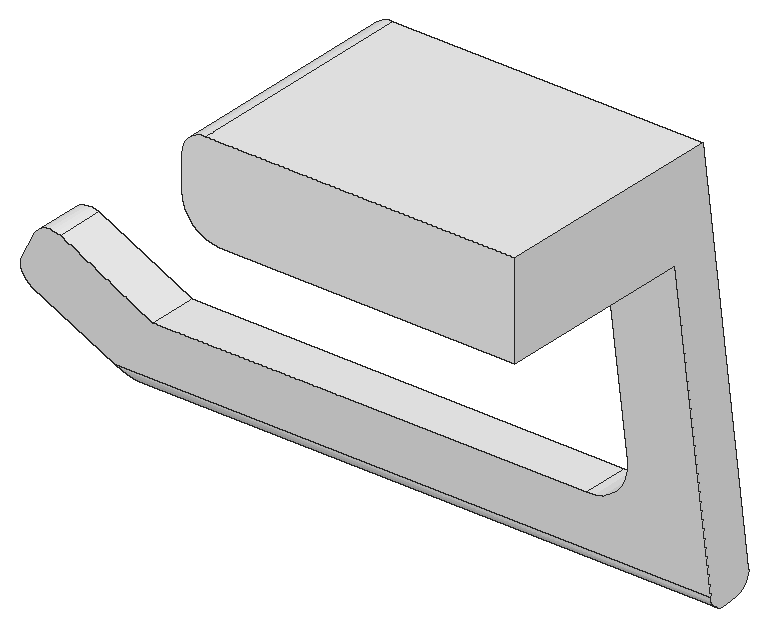
Revit family "LQ6030001_Portarrollo", category Furniture, host Wall, Revit 2019
Family settings
  Host = Wall
  OmniClass Number = 23.31.25.19
  OmniClass Title = Restroom Paper Towel Accessories
  Always vertical = Yes
  Cut with Voids When Loaded = No
  Shared = No
  Room Calculation Point = No
Parameters (values of type "Type 1")
  Uso = "Residencial"  # constant formula
  URL = "https://corona.co/productos/accesorios/kit-de-accesorios/kit-por-6-accesorios-liquid/p/LQ6080001"
  Tecnologías = "DuraCrome"  # constant formula
  Resistencia = "Resistente a la corrosión\r\npelado y decoloración por agua\r\nResistencia al peso general hasta 9 kg\r\nResistencia al peso del toallero barra hasta 23 kg"  # constant formula
  Referencia = "LQ6030001"  # constant formula
  Profundidad = 61.3 mm  # constant formula
  Número de piezas = "6"  # constant formula
  Material = Corona_Cromado
  Manufacturer = "Corona"  # constant formula
  Línea = "Liquid"  # constant formula
  Garantía Acabados = "5 años en acabados"  # constant formula
  Garantía = "30 años en estructura"  # constant formula
  Fecha de creación = "13/08/2020"  # constant formula
  Description = "La línea de griferías, duchas y accesorios Liquid se inspira en la tensión superficial del agua y en cómo esta crea formas armoniosas adaptándose al ambiente. Al igual que el agua, las superficies de las griferías Liquid juegan con la luz y los reflejos que fluyen alrededor de sus formas. Sus líneas continuas y simplicidad formal proporcionan la ventaja práctica, limpieza sin esfuerzo."  # constant formula
  Creado por = "IDD"  # constant formula
  Componentes = "Percha - Toallero - Jabonera - Barra - Cepillera - Portarrollo"  # constant formula
  Colección = "Liquid"  # constant formula
  Ancho = 145.3 mm  # constant formula
  Altura = 900 mm
  Alto = 89.8 mm  # constant formula
Reference planes
  plane 1 "Wall": y = 0
  plane 2 "Center (Left/Right)": x = 125
  plane 3 "Back": y = 75
  plane 4: z = 900
  plane 5: x = 197.65
  plane 6: x = 52.35
  plane 7: z = 944.9
  plane 8: z = 855.1
  plane 9: y = 136.3
Text (mm)
  text "Placement Side" at (-1848.837, 1116.779, 0), in view "Ref. Level"
  text "Placement side" at (0, 1409.804, 2854.306), in view "Left"
  text "Placement side" at (0, 499.811, 2980.732), in view "Right"
Dimensions and locks
  locked: plane 3 "Back" to host wall
  equal spacing: plane 8, plane 4, plane 7
  "Alto": plane 8 to plane 7
  equal spacing: plane 6, plane 2 "Center (Left/Right)", plane 5
  "Ancho": plane 6 to plane 5
  "Profundidad": plane 9 to host wall
  plane 4 to plane 8 = 44.9 mm
  "Altura": plane 4 to level
  aligned and locked: plane 1 "Wall" to host wall
  aligned and locked: nested 1 to plane 7
  aligned and locked: nested 3 to plane 7
  aligned and locked: nested 3 to plane 5
  aligned and locked: nested 4 to plane 9
  aligned and locked: nested 4 to plane 5
  aligned and locked: plane 7 to nested 2
  aligned and locked: nested 2 to plane 6
Nested families
  nested 1: "Lateral" at (125, 75, 855.1) x (0, -1, 0) z (1, 0, 0), type "Lateral"
  nested 2: "Portarrollo" at (197.65, 105, 855.1) x (-1, 0, 0) z (0, 0, 1), type "Portarrollo"
  nested 3: "Frontal" at (197.65, 0, 855.1) x (-1, 0, 0) z (0, -1, 0), type "Frontal"
  nested 4: "Planta" at (52.35, 75, 0), type "Planta"
Definition of nested family "Portarrollo"
  Parameters (values of type "Portarrollo")
    Profundidad = 61.3 mm
    Material = none
    Ancho = 145.3 mm
    Alto = 89.8 mm
  Reference planes
    plane 1 "Center (Front/Back)": y = 0
    plane 2: z = 0
    plane 3 "Center (Left/Right)": x = 0
    plane 4: x = 145.3
    plane 5: y = 30.65
    plane 6: y = -30.65
    plane 7: z = 89.8
    plane 8: x = 70.15
  Forms (mm)
    Extrusion 1, solid, material <- "Material", detail levels medium+fine
      sketch origin (250, 0.039, 0) x (0, -1, 0) y (0, 0, 1)
        loop
          line (30.681, 4.34) -> (18.182, 93.273) -> (-30.65, 93.273) -> (-30.65, 69.8) -> (11.383, 69.8) -> (20.778, 2.948)
          arc (20.778, 2.948) -> (22.138, 0.64) -> (24.731, -0.031) r 3.5
          line (24.731, -0.031) -> (27.702, 0.387)
          arc (27.702, 0.387) -> (30.01, 1.746) -> (30.681, 4.34) r 3.5
      from 104.7 to 250
    Extrusion 2, void
      sketch origin (0, 0, 0) x (1, 0, 0) y (0, 0, 1)
        loop
          line (157.831, -7.116) -> (157.831, 101.695) -> (0.15, 101.695) -> (0.15, 89.748) -> (65.15, 89.748)
          arc (65.15, 89.748) -> (68.686, 88.283) -> (70.15, 84.748) r 5
          line (70.15, 84.748) -> (70.15, 77.8)
          arc (70.15, 77.8) -> (67.807, 72.143) -> (62.15, 69.8) r 8
          line (62.15, 69.8) -> (25, 69.8)
          arc (25, 69.8) -> (17.929, 66.871) -> (15, 59.8) r 10
          line (15, 59.8) -> (15, 24.935)
          arc (15, 24.935) -> (17.929, 17.864) -> (25, 14.935) r 10
          line (25, 14.935) -> (115.981, 14.935) -> (134.336, 25.533)
          arc (134.336, 25.533) -> (137.371, 25.932) -> (139.8, 24.069) r 4
          line (139.8, 24.069) -> (143.3, 18.006)
          arc (143.3, 18.006) -> (143.7, 14.971) -> (141.836, 12.542) r 4
          line (141.836, 12.542) -> (107.787, -7.116) -> (157.831, -7.116)
      from -47.087 to 250
    Extrusion 3, solid, material <- "Material", detail levels coarse
      sketch origin (0, 0, 0) x (1, 0, 0) y (0, 1, 0)
        loop
          line (0, 30.65) -> (0, -30.65) -> (145.3, -30.65) -> (145.3, 30.65) -> (0, 30.65)
      from 0 to 89.8
  Cuts and joins
    Extrusion 2 cuts Extrusion 1
  Dimensions and locks
    equal spacing: plane 5, plane 1 "Center (Front/Back)", plane 6
    "Profundidad": plane 5 to plane 6
    "Ancho": plane 3 "Center (Left/Right)" to plane 4
    "Alto": plane 7 to level
    aligned and locked: level to plane 2
    aligned and locked: Extrusion 1 to plane 4
    aligned and locked: Extrusion 1 to plane 3 "Center (Left/Right)"
    aligned and locked: Extrusion 3 sketch curve to plane 5
    aligned and locked: plane 4 to Extrusion 3 sketch curve
    aligned and locked: plane 6 to Extrusion 3 sketch curve
    aligned and locked: Extrusion 3 sketch curve to cut or joined group of Extrusion 1, Extrusion 2
  Automatic sketch dimensions
    plane 8 to Extrusion 2 sketch curve = 0 mm
    Extrusion 2 sketch curve to Extrusion 2 sketch curve = 5 mm
    Extrusion 2 sketch curve to Extrusion 2 sketch curve = 3 mm
    plane 3 "Center (Left/Right)" to Extrusion 2 sketch curve = 25 mm  (x2)
    Extrusion 2 sketch curve to Extrusion 2 sketch curve = 10 mm
    Extrusion 2 sketch curve to level = 7.116 mm
    plane 4 to Extrusion 2 sketch curve = 37.513 mm
    Extrusion 2 sketch curve to Extrusion 2 sketch curve = 8.193 mm
    plane 4 to Extrusion 2 sketch curve = 10.964 mm
    Extrusion 2 sketch curve to Extrusion 2 sketch curve = 2 mm  (x2)
    Extrusion 2 sketch curve to Extrusion 2 sketch curve = 3.464 mm  (x2)
    plane 4 to Extrusion 2 sketch curve = 5.464 mm
    plane 4 to Extrusion 2 sketch curve = 3.464 mm
    plane 4 to Extrusion 2 sketch curve = 2 mm
    Extrusion 2 sketch curve to plane 4 = 12.531 mm
    level to Extrusion 2 sketch curve = 12.542 mm
    level to Extrusion 2 sketch curve = 14.935 mm
    Extrusion 2 sketch curve to Extrusion 2 sketch curve = 6.062 mm
    Extrusion 2 sketch curve to plane 7 = 30 mm
    Extrusion 2 sketch curve to plane 7 = 5.052 mm
    plane 3 "Center (Left/Right)" to Extrusion 2 sketch curve = 0.15 mm
    plane 7 to Extrusion 2 sketch curve = 11.895 mm
    plane 5 to Extrusion 1 sketch curve = 0.039 mm
    plane 1 "Center (Front/Back)" to Extrusion 1 sketch curve = 11.344 mm
    plane 7 to Extrusion 1 sketch curve = 3.473 mm
    plane 6 to Extrusion 1 sketch curve = 12.507 mm
    level to Extrusion 1 sketch curve = 2.948 mm
    plane 6 to Extrusion 1 sketch curve = 9.911 mm
    Extrusion 1 sketch curve to Extrusion 1 sketch curve = 3.466 mm
    Extrusion 1 sketch curve to level = 0.031 mm
    Extrusion 1 sketch curve to Extrusion 1 sketch curve = 0.487 mm
    Extrusion 1 sketch curve to Extrusion 1 sketch curve = 2.971 mm
    level to Extrusion 1 sketch curve = 0.387 mm
    plane 6 to Extrusion 1 sketch curve = 2.987 mm
    plane 6 to Extrusion 1 sketch curve = 0.008 mm
    Extrusion 1 sketch curve to Extrusion 1 sketch curve = 0.418 mm
    Extrusion 1 sketch curve to plane 7 = 20 mm
Definition of nested family "Lateral"
  Reference planes
    plane 1 "Center (Front/Back)": y = 0
    plane 2: z = 0
    plane 3 "Center (Left/Right)": x = 0
    plane 4: y = 89.8
    plane 5: x = -61.3
  Lines and regions (mm)
    detail lines, in view "Ref. Level"
      curve 1: line (-60.299, 5.676, 0) -> (-46.923, 81.536, 0)
      curve 2: line (-37.075, 89.8, 0) -> (0, 89.8, 0)
      curve 3: line (0, 89.8, 0) -> (0, 69.8, 0)
      curve 4: line (0, 69.8, 0) -> (-38.838, 69.8, 0)
      curve 5: line (-38.838, 69.8, 0) -> (-50.451, 3.939, 0)
      curve 6: line (-55.085, 0.695, 0) -> (-57.055, 1.042, 0)
      curve 7: arc (-57.055, 1.042, 0) -> (-59.637, 2.687, 0) -> (-60.299, 5.676, 0) r 4
      curve 8: arc (-50.451, 3.939, 0) -> (-52.096, 1.357, 0) -> (-55.085, 0.695, 0) r 4
      curve 9: arc (-46.923, 81.536, 0) -> (-43.503, 87.46, 0) -> (-37.075, 89.8, 0) r 10
Definition of nested family "Frontal"
  Reference planes
    plane 1 "Center (Front/Back)": y = 0
    plane 2: z = 0
    plane 3 "Center (Left/Right)": x = 0
    plane 4: x = 145.3
    plane 5: y = 89.8
  Lines and regions (mm)
    detail lines, in view "Ref. Level"
      curve 1: line (20, 0, 0) -> (114.585, 0, 0)
      curve 2: line (0, 79.8, 0) -> (0, 20, 0)
      curve 3: line (70.65, 89.8, 0) -> (10, 89.8, 0)
      curve 4: arc (20, 0, 0) -> (5.858, 5.858, 0) -> (0, 20, 0) r 20
      curve 5: arc (0, 79.8, 0) -> (2.929, 86.871, 0) -> (10, 89.8, 0) r 10
      curve 6: line (77.65, 82.8, 0) -> (77.65, 76.8, 0)
      curve 7: line (70.65, 69.8, 0) -> (35, 69.8, 0)
      curve 8: line (20, 15, 0) -> (114.585, 15, 0)
      curve 9: arc (20, 15, 0) -> (16.464, 16.464, 0) -> (15, 20, 0) r 5
      curve 10: line (15, 49.8, 0) -> (15, 20, 0)
      curve 11: arc (15, 49.8, 0) -> (20.858, 63.942, 0) -> (35, 69.8, 0) r 20
      curve 12: arc (77.65, 76.8, 0) -> (75.6, 71.85, 0) -> (70.65, 69.8, 0) r 7
      curve 13: arc (77.65, 82.8, 0) -> (75.6, 87.75, 0) -> (70.65, 89.8, 0) r 7
      curve 14: line (138.826, 6.269, 0) -> (141.694, 7.859, 0)
      curve 15: arc (114.585, 0, 0) -> (127.104, 1.593, 0) -> (138.826, 6.269, 0) r 50
      curve 16: arc (114.585, 15, 0) -> (123.348, 16.115, 0) -> (131.553, 19.388, 0) r 35
      curve 17: line (131.553, 19.388, 0) -> (134.422, 20.978, 0)
      curve 18: line (144.422, 17.375, 0) -> (143.938, 18.249, 0)
      curve 19: arc (134.422, 20.978, 0) -> (139.745, 21.585, 0) -> (143.938, 18.249, 0) r 7
      curve 20: arc (141.694, 7.859, 0) -> (145.029, 12.052, 0) -> (144.422, 17.375, 0) r 7
  Dimensions and locks
    aligned and locked: plane 1 "Center (Front/Back)" to curve 1
    aligned and locked: curve 2 to plane 3 "Center (Left/Right)"
    aligned and locked: plane 5 to curve 3
Definition of nested family "Planta"
  Reference planes
    plane 1 "Center (Front/Back)": y = 0
    plane 2: z = 0
    plane 3 "Center (Left/Right)": x = 0
    plane 4: x = 145.3
    plane 5: y = 61.3
  Lines and regions (mm)
    detail lines, in view "Ref. Level"
      curve 1: line (145.3, 0, 0) -> (75.3, 0, 0)
      curve 2: line (145.3, 61.3, 0) -> (145.3, 0, 0)
      curve 3: line (75.3, 0, 0) -> (75.3, 46.3, 0)
      curve 4: line (145.3, 61.3, 0) -> (0, 61.3, 0)
      curve 5: line (0, 46.3, 0) -> (75.3, 46.3, 0)
      curve 6: line (0, 61.3, 0) -> (0, 46.3, 0)
